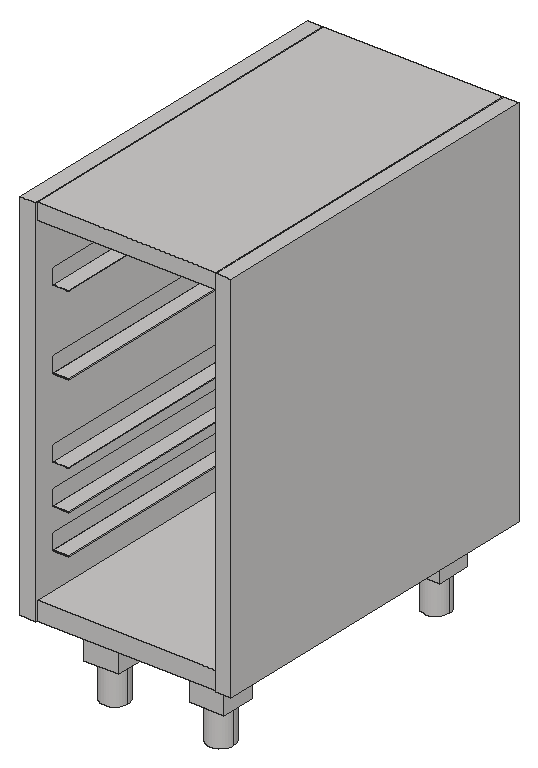
Revit family "QF_ELECTROLUXPROFESSIONAL_121930_TEGG4", category Attrezzature speciali, Revit 2020
Family settings
  Quota connettore circolare = Usa diametro
  Tipo di parte = Normale
  Basato su piano di lavoro = No
  Sempre verticale = Sì
  Taglio con vuoti quando caricato = No
  Condiviso = No
  Punto di calcolo locali = No
Parameters (values of type "Standard")
  Weight = 45.00 kg
  Watts = 0 W
  Volts = 0 V
  URL Manufacturer = "https://www.electroluxprofessional.com/"
  URL = "https://www.electroluxprofessional.com/"
  Steam Supply Size = 0 mm
  Steam Supply Minimum Pressure = 0.0 Pa
  Steam Supply Maximum Pressure = 0.0 Pa
  Steam Consumption per Hour = 0
  Refrigeration Suction Line Size = 0.0 mm
  Refrigeration Liquid Line Size = 0.0 mm
  Refrigerant Compressor Remote = yes
  Prospetto di default = 0.0 mm
  Phase = 0
  Modello = "TEGG4"
  Produttore = "Electrolux Professional"
  Length Actual = 400.0 mm  # constant formula
  Item Number = "121930"
  Hot Water Size = 0 mm
  Height Actual = 860.0 mm  # constant formula
  HP = "0 HP"
  Gas Size = 0 mm
  Gas KW = 0
  Gas Input Pressure = 0 W
  Direct Waste Size = 0 mm
  Descrizione = "OPEN AMBIENT UNIT + GN 1/1 RUNNERS 400MM"
  Depth Actual = 680.0 mm  # constant formula
  Cycle = 0 Hz
  Condensate Return Size = 0 mm
  Compressed Air Volume = 0.0 L/s
  Compressed Air Size = 0 mm
  Compressed Air Pressure = 0.0 Pa
  Cold Water Size = 0 mm
  Accessory = yes
Reference planes
  plane 1 "Center (Front/Back)": y = 0
  plane 2: z = 0
  plane 3 "Center (Left/Right)": x = -300
  plane 4 "LEFT": x = -500
  plane 5 "RIGHT": x = -100
  plane 6 "BACK": y = 340
  plane 7 "FRONT": y = -340
  plane 8 "Base": z = 860
  plane 9 "TOP": z = 900
  plane 10: x = -400
  plane 11: x = -200
  plane 12: y = 270
  plane 13: y = -240
  plane 14 "FEET": z = 150
  plane 15: x = 152.5
  plane 16: y = -337
  plane 17: y = 310
  plane 18: x = -470
  plane 19: x = -130
Forms (mm)
  Extrusion 1, solid, material "QF_Finishes_Stainless Steel"
    sketch origin (0, 0, 150) x (-1, 0, 0) y (0, -1, 0)
      loop
        line (500, -340) -> (500, 340) -> (470, 340) -> (470, -340) -> (500, -340)
      loop
        line (130, -340) -> (130, 340) -> (100, 340) -> (100, -340) -> (130, -340)
    from 0 to 710
  Extrusion 2, solid, material "QF_Finishes_Stainless Steel"
    sketch origin (0, 0, 150) x (-1, 0, 0) y (0, -1, 0)
      loop
        line (470, -310) -> (470, 337) -> (130, 337) -> (130, -310) -> (470, -310)
    from 0 to 35
  Extrusion 3, solid, material "QF_Finishes_Stainless Steel"
    sketch origin (0, 0, 0) x (1, 0, 0) y (0, 1, 0)
      loop
        line (-470, -337) -> (-130, -337) -> (-130, 340) -> (-470, 340) -> (-470, -337)
    from 830 to 860
  Extrusion 4, solid, material "QF_Finishes_Stainless Steel"
    sketch origin (0, 0, 150) x (-1, 0, 0) y (0, -1, 0)
      loop
        line (466, -340) -> (466, -310) -> (134, -310) -> (134, -340) -> (466, -340)
    from 680 to 0
  Extrusion 5, solid, material "QF_Finishes_Stainless Steel"
    sketch origin (0, 0, 0) x (1, 0, 0) y (0, 0, 1)
      loop
        line (-470, 732.81) -> (-470, 702.81) -> (-440, 702.81) -> (-440, 703.82) -> (-469, 703.82) -> (-469, 732.81) -> (-470, 732.81)
      loop
        line (-130, 732.81) -> (-131, 732.81) -> (-131, 703.82) -> (-160, 703.82) -> (-160, 702.81) -> (-130, 702.81) -> (-130, 732.81)
      loop
        line (-470, 582.81) -> (-470, 552.81) -> (-440, 552.81) -> (-440, 553.82) -> (-469, 553.82) -> (-469, 582.81) -> (-470, 582.81)
      loop
        line (-130, 582.81) -> (-131, 582.81) -> (-131, 553.82) -> (-160, 553.82) -> (-160, 552.81) -> (-130, 552.81) -> (-130, 582.81)
      loop
        line (-470, 432.81) -> (-470, 402.81) -> (-440, 402.81) -> (-440, 403.82) -> (-469, 403.82) -> (-469, 432.81) -> (-470, 432.81)
      loop
        line (-130, 432.81) -> (-131, 432.81) -> (-131, 403.82) -> (-160, 403.82) -> (-160, 402.81) -> (-130, 402.81) -> (-130, 432.81)
      loop
        line (-470, 357.81) -> (-470, 327.81) -> (-440, 327.81) -> (-440, 328.82) -> (-469, 328.82) -> (-469, 357.81) -> (-470, 357.81)
      loop
        line (-130, 357.81) -> (-131, 357.81) -> (-131, 328.82) -> (-160, 328.82) -> (-160, 327.81) -> (-130, 327.81) -> (-130, 357.81)
      loop
        line (-470, 282.81) -> (-470, 252.81) -> (-440, 252.81) -> (-440, 253.82) -> (-469, 253.82) -> (-469, 282.81) -> (-470, 282.81)
      loop
        line (-130, 282.81) -> (-131, 282.81) -> (-131, 253.82) -> (-160, 253.82) -> (-160, 252.81) -> (-130, 252.81) -> (-130, 282.81)
    from -300 to 300
Lines and regions (mm)
  symbolic lines, style "SpecialityEquipmentHiddenLines"
    curve 1: line (-100, 340, 900) -> (-500, 340, 900)
    curve 2: line (-100, -340, 900) -> (-100, 340, 900)
    curve 3: line (-500, -344.5, 150) -> (-500, 340, 150)
    curve 4: line (-500, -340, 150) -> (-466, -340, 150)
    curve 5: line (-466, -340, 150) -> (-466, -337, 150)
    curve 6: line (-466, -337, 150) -> (-134, -337, 150)
    curve 7: line (-134, -337, 150) -> (-134, -340, 150)
    curve 8: line (-134, -340, 150) -> (-100, -340, 150)
Dimensions and locks
  plane 4 "LEFT" to plane 5 "RIGHT" = 400.0 mm
  equal spacing: plane 4 "LEFT", plane 3 "Center (Left/Right)", plane 5 "RIGHT"
  plane 6 "BACK" to plane 7 "FRONT" = 680.0 mm
  equal spacing: plane 6 "BACK", plane 1 "Center (Front/Back)", plane 7 "FRONT"
  locked: plane 14 "FEET" to level at 150
  locked: plane 4 "LEFT" to plane 10 at 100
  locked: plane 11 to plane 5 "RIGHT" at 100
  plane 16 to plane 7 "FRONT" = 3.0 mm
  plane 6 "BACK" to plane 17 = 30.0 mm
  locked: plane 6 "BACK" to plane 12 at 70
  locked: plane 13 to plane 7 "FRONT" at 100
  locked: plane 8 "Base" to level at 860
  locked: plane 9 "TOP" to level at 900
  plane 4 "LEFT" to plane 18 = 30.0 mm
  plane 19 to plane 5 "RIGHT" = 30.0 mm
  aligned and locked: level to plane 2
  aligned and locked: plane 10 to nested 1
  aligned and locked: plane 11 to nested 2
  aligned and locked: plane 11 to nested 4
  aligned and locked: nested 4 to plane 12
  aligned and locked: plane 10 to nested 3
  aligned and locked: nested 3 to plane 12
  aligned and locked: plane 8 "Base" to Extrusion 1
  aligned and locked: plane 6 "BACK" to Extrusion 1 sketch curve
  aligned and locked: Extrusion 1 sketch curve to plane 6 "BACK"
  aligned and locked: plane 7 "FRONT" to Extrusion 1 sketch curve
  aligned and locked: Extrusion 1 sketch curve to plane 7 "FRONT"
  aligned and locked: plane 8 "Base" to Extrusion 3
  aligned and locked: Extrusion 2 to plane 16
  aligned and locked: Extrusion 2 to plane 17
  aligned and locked: Extrusion 3 to plane 16
  aligned and locked: Extrusion 4 sketch curve to plane 6 "BACK"
  aligned and locked: Extrusion 4 sketch curve to plane 17
  aligned and locked: Extrusion 4 to Extrusion 3
  aligned and locked: Extrusion 4 to plane 14 "FEET"
  aligned and locked: plane 6 "BACK" to Extrusion 3
  aligned and locked: nested 1 to plane 13
  aligned and locked: nested 2 to plane 13
Automatic sketch dimensions
  curve 2 to plane 5 "RIGHT" = 0.0 mm
  curve 2 to plane 7 "FRONT" = 0.0 mm
  curve 1 to plane 4 "LEFT" = 0.0 mm
  curve 1 to plane 6 "BACK" = 0.0 mm
  Extrusion 1 sketch curve to plane 5 "RIGHT" = 0.0 mm
  Extrusion 1 sketch curve to plane 4 "LEFT" = 0.0 mm
  plane 17 to Extrusion 2 sketch curve = 0.0 mm
  Extrusion 2 sketch curve to plane 16 = 0.0 mm
  curve 8 to plane 5 "RIGHT" = 0.0 mm
  curve 8 to plane 7 "FRONT" = 0.0 mm
  curve 3 to plane 4 "LEFT" = 0.0 mm
  curve 3 to plane 6 "BACK" = 0.0 mm
  curve 6 to plane 16 = 0.0 mm
  curve 4 to plane 7 "FRONT" = 0.0 mm
  curve 4 to curve 3 = 4.5 mm
  Extrusion 3 sketch curve to plane 16 = 0.0 mm
  Extrusion 3 sketch curve to plane 17 = 30.0 mm
  plane 4 "LEFT" to Extrusion 1 sketch curve = 30.0 mm
  plane 4 "LEFT" to Extrusion 2 sketch curve = 30.0 mm
  plane 4 "LEFT" to curve 6 = 34.0 mm
  plane 4 "LEFT" to Extrusion 3 sketch curve = 30.0 mm
  plane 4 "LEFT" to Extrusion 4 sketch curve = 34.0 mm
  Extrusion 1 sketch curve to Extrusion 1 sketch curve = 30.0 mm
  Extrusion 2 sketch curve to plane 5 "RIGHT" = 30.0 mm
  curve 8 to curve 8 = 34.0 mm
  Extrusion 3 sketch curve to plane 5 "RIGHT" = 30.0 mm
  Extrusion 4 sketch curve to plane 5 "RIGHT" = 34.0 mm
  Extrusion 5 sketch curve to plane 18 = 0.0 mm  (x5)
  Extrusion 5 sketch curve to plane 19 = 0.0 mm  (x5)
  plane 18 to Extrusion 5 sketch curve = 1.0 mm  (x5)
  Extrusion 5 sketch curve to Extrusion 5 sketch curve = 29.0 mm  (x5)
  Extrusion 5 sketch curve to plane 19 = 30.0 mm  (x5)
  Extrusion 5 sketch curve to plane 19 = 1.0 mm  (x5)
  plane 14 "FEET" to Extrusion 5 sketch curve = 102.81 mm  (x2)
  Extrusion 5 sketch curve to Extrusion 5 sketch curve = 1.01 mm  (x10)
  Extrusion 5 sketch curve to Extrusion 5 sketch curve = 28.99 mm  (x10)
  Extrusion 5 sketch curve to Extrusion 5 sketch curve = 45.0 mm  (x4)
  Extrusion 5 sketch curve to Extrusion 5 sketch curve = 120.0 mm  (x4)
Nested families
  nested 1: "FEET_L65-150" at (-400, -240, 0), type "FEET_L65-150"
  nested 2: "FEET_L65-150" at (-200, -240, 0), type "FEET_L65-150"
  nested 3: "FEET_L65-150" at (-400, 270, 0), type "FEET_L65-150"
  nested 4: "FEET_L65-150" at (-200, 270, 0), type "FEET_L65-150"
Definition of nested family "FEET_L65-150"
  Parameters
    Default Elevation = 0.0 mm
    FEET = 150.0 mm
  Reference planes
    plane 1 "Center (Front/Back)": y = 0
    plane 2: z = 0
    plane 3 "Center (Left/Right)": x = 0
    plane 4: z = 150
  Forms (mm)
    Extrusion 1, solid
      sketch origin (0, 0, 0) x (1, 0, 0) y (0, 1, 0)
        loop
          circle (0, 0) r 25
      from 0 to 67
    Extrusion 2, solid
      sketch origin (0, 0, 0) x (1, 0, 0) y (0, 1, 0)
        loop
          line (32.561, 32.5) -> (-32.439, 32.5) -> (-32.439, -32.5) -> (32.561, -32.5) -> (32.561, 32.5)
      from 67 to 150 <- "FEET"
  Lines and regions (mm)
    symbolic lines
      curve 1: line (0, -1.503, 0) -> (0, 1.508, 0)
      curve 2: line (1.561, 0, 0) -> (-1.439, 0, 0)
  Dimensions and locks
    "FEET": plane 4 to plane 2
    aligned and locked: level to plane 2
  Automatic sketch dimensions
    plane 1 "Center (Front/Back)" to Extrusion 1 sketch curve = 0.0 mm
    Extrusion 1 sketch curve to plane 3 "Center (Left/Right)" = 0.0 mm
    plane 1 "Center (Front/Back)" to curve 2 = 0.0 mm
    curve 1 to plane 3 "Center (Left/Right)" = 0.0 mm
    curve 2 to plane 3 "Center (Left/Right)" = 1.439 mm
    plane 3 "Center (Left/Right)" to curve 2 = 1.561 mm
    plane 1 "Center (Front/Back)" to curve 1 = 1.503 mm
    curve 1 to plane 1 "Center (Front/Back)" = 1.508 mm
    Extrusion 2 sketch curve to plane 1 "Center (Front/Back)" = 32.5 mm
    Extrusion 2 sketch curve to plane 3 "Center (Left/Right)" = 32.439 mm
    plane 3 "Center (Left/Right)" to Extrusion 2 sketch curve = 32.561 mm
    plane 1 "Center (Front/Back)" to Extrusion 2 sketch curve = 32.5 mm
    radius of Extrusion 1 sketch curve = 25.0 mm
